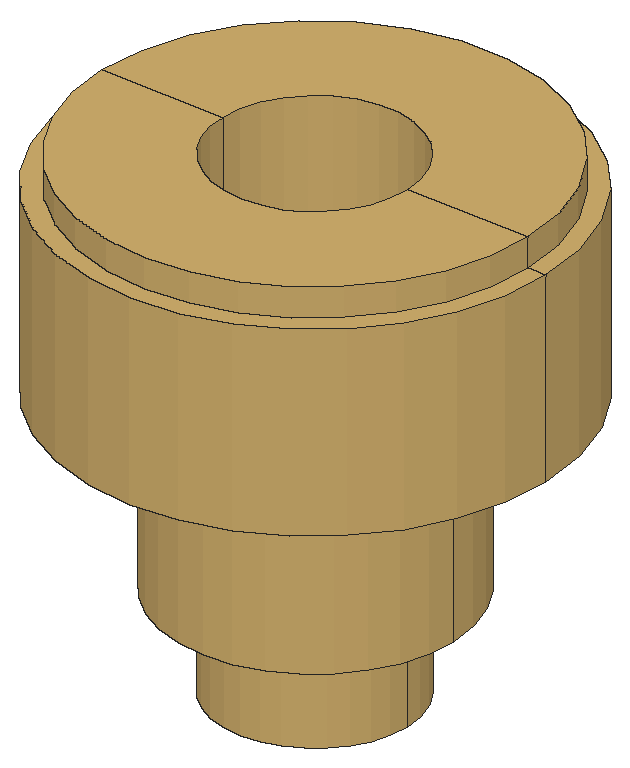
Revit family "check valve 2621 00 (01)", category Rohrzubehör, Revit 2019
Family settings
  Bemaßung runder Anschluss = Durchmesser verwenden
  Teiletyp = Normal
  OmniClass-Nummer = 23.65.55.14
  OmniClass-Titel = Valves for Liquid Services
  Arbeitsebenenbasiert = Nein
  Immer vertikal = Ja
  Beim Laden mit Abzugskörper schneiden = Nein
  Gemeinsam genutzt = Nein
Parameters
  max. Operating temperature = 110 °C  # constant formula
  max. Operating pressure = 1000000.0 Pa  # constant formula
  SCTWSEQ = "FW;SBT_TYP_FW=\"108\";2"
  SCTWCODE = "04;14;02"  # constant formula
  SCRNSEQ = "AWI;AWI_TYP=\"1007\";2"
  SCRNCODE = "05;17;02"  # constant formula
  Part number [instance] = if(Nennweite AG = 10.000 mm, 1262100, if(Nennweite AG = 15.000 mm, 1262101, 0))  # 1262101
  Nennweite IG = 10.000 mm  # constant formula
  URL = "www.herzvalves.com"
  Nennweite AG [instance] = 15.000 mm
  Medium = "water purity in accordance with the ÖNORM H 5195 and VDI 2035 standards"
  Hersteller = "Herz-Armaturen GmbH"  # constant formula
  H04 [instance] = if(Nennweite AG = 10.000 mm, 4.500 mm, if(Nennweite AG = 15.000 mm, 5.000 mm, 0.000 mm))  # 5.000 mm
  H03 = 9.500 mm  # constant formula
  H02 [instance] = if(Nennweite AG = 10.000 mm, 14.000 mm, if(Nennweite AG = 15.000 mm, 10.000 mm, 0.000 mm))  # 10.000 mm
  H01 = 9.500 mm  # constant formula
  H00 [instance] = if(Nennweite AG = 10.000 mm, 29.500 mm, if(Nennweite AG = 15.000 mm, 26.000 mm, 0.000 mm))  # 26.000 mm
  G2 [instance] = Nennweite IG / 2  # 5.000 mm
  G1 [instance] = Nennweite AG / 2  # 7.500 mm
  D03 [instance] = if(Nennweite AG = 10.000 mm, 3.500 mm, if(Nennweite AG = 15.000 mm, 5.000 mm, 0.000 mm))  # 5.000 mm
  D02 [instance] = if(Nennweite AG = 10.000 mm, 11.000 mm, if(Nennweite AG = 15.000 mm, 12.500 mm, 0.000 mm))  # 12.500 mm
  D01 [instance] = if(Nennweite AG = 10.000 mm, 10.000 mm, if(Nennweite AG = 15.000 mm, 11.500 mm, 0.000 mm))  # 11.500 mm
Reference planes
  plane 1 "Mitte (Vorne/hinten)": y = 0
  plane 2: z = 0
  plane 3 "Mitte (Links/rechts)": x = 0
Forms (mm)
  Revolve 1, solid, material "Messing", detail levels fine
    sketch origin (0, 0, 0) x (1, 0, 0) y (0, 0, 1)
      loop
        line (-11.5, 21) -> (-11.5, 19.5) -> (-12.5, 19.5) -> (-12.5, 9.5) -> (-7.5, 9.5) -> (-7.5, 0) -> (-5, 0) -> (-5, -5) -> (0, -5) -> (0, 11.5) -> (-5, 11.5) -> (-5, 21) -> (-11.5, 21)
      axis (0, 21) -> (0, -5)
    angle from 0 to 360
Lines and regions (mm)
  model lines, detail levels coarse+medium
    curve 1: line (-12.5, 0, 21) -> (12.5, 0, 21)
    curve 2: line (12.5, 0, 21) -> (-12.5, 0, -5)
    curve 3: line (-12.5, 0, -5) -> (12.5, 0, -5)
    curve 4: circle (-12.5, 0, -4.998) r 5 normal (0, -1, 0)
    curve 5: line (0, -12.5, 21) -> (0, 12.5, 21)
    curve 6: line (0, 12.5, 21) -> (0, -12.5, -5)
    curve 7: line (0, -12.5, -5) -> (0, 12.5, -5)
    curve 8: circle (0, -12.5, -5) r 5 normal (1, 0, 0)
Dimensions and locks
  "H02": Revolve 1 sketch curve to Revolve 1 sketch curve
  "D01": Revolve 1 sketch curve to Revolve 1 sketch curve
  "G1": Revolve 1 sketch curve to Revolve 1 sketch curve
  "H01": Revolve 1 sketch curve to Revolve 1 sketch curve
  "D02": Revolve 1 sketch curve to Revolve 1 sketch curve
  "G2": Revolve 1 sketch curve to Revolve 1 sketch curve
  "H03": Revolve 1 sketch curve to Revolve 1 sketch curve
  "H04": Revolve 1 sketch curve to Revolve 1 sketch curve
  "H00": Revolve 1 sketch curve to Revolve 1 sketch curve
  "D03": Revolve 1 sketch curve to Revolve 1 sketch curve
  "H00": curve 1 to curve 3
  "H04": plane 2 to curve 3
  "D02": curve 2 to plane 3 "Mitte (Links/rechts)" to curve 1
  "D02": curve 3 to plane 3 "Mitte (Links/rechts)" to curve 3
  "H00": curve 7 to curve 5
  "H04": plane 2 to curve 7
  "D02": curve 5 to plane 1 "Mitte (Vorne/hinten)" to curve 6
  "D02": curve 7 to plane 1 "Mitte (Vorne/hinten)" to curve 7
  aligned and locked: level to plane 2
Automatic sketch dimensions
  curve 8 to curve 6 = 0.000 mm  (x2)
  curve 4 to curve 2 = 0.000 mm
  curve 2 to curve 4 = 0.002 mm
  Revolve 1 sketch curve to level = 0.000 mm
  Revolve 1 sketch curve to plane 3 "Mitte (Links/rechts)" = 0.000 mm  (x2)
  Revolve 1 sketch curve to Revolve 1 sketch curve = 1992.000 mm
  Revolve 1 sketch curve to Revolve 1 sketch curve = 1979.000 mm
  radius of curve 8 = 5.000 mm
  radius of curve 4 = 5.000 mm
Connectors
  piping at (0, 0, 0), diameter 15, driven by "Nennweite AG"
    settings: on Revolve 1, index 1, connector inside diameter 609.6 mm, connector length 0.000 mm, flow factor 0, pipe flow 0.0 L/s, pressure drop 0.0 Pa, fitting loss kfactor 0, connector angle 0.00°, fixture units 0, engagement length 0.000 mm, angle of deflection 0.00°, flow configuration 0, flow direction 0, fitting loss method 0, system type 7, joint type 0, gender type 0, connector reference index -1, connector utility 0, adjustable connector no, is connector primary yes, connector description ""
  piping at (0, 0, 11.5), diameter 10, driven by "Nennweite IG"
    settings: on Revolve 1, index 2, connector inside diameter 609.6 mm, connector length 0.000 mm, flow factor 0, pipe flow 0.0 L/s, pressure drop 0.0 Pa, fitting loss kfactor 0, connector angle 0.00°, fixture units 0, engagement length 0.000 mm, angle of deflection 0.00°, flow configuration 0, flow direction 2, fitting loss method 0, system type 29, joint type 0, gender type 0, connector reference index -1, connector utility 0, adjustable connector no, is connector primary no, connector description ""
